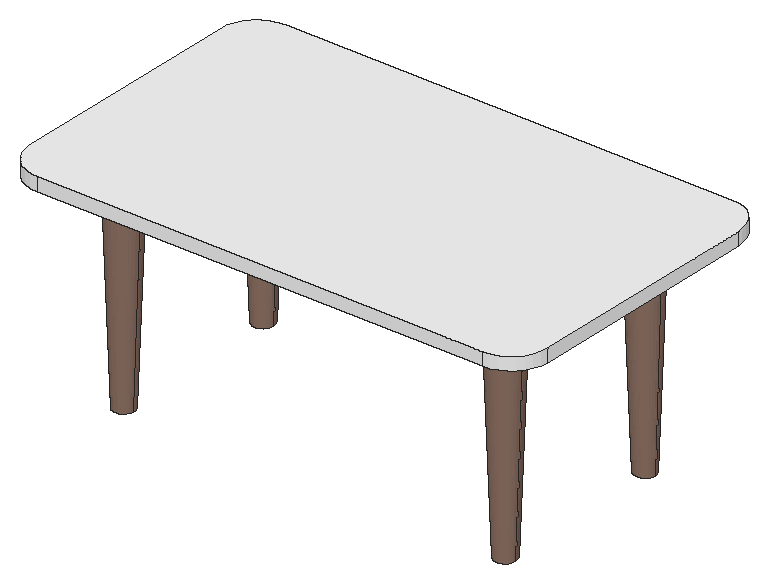
Revit family "Soft Rectangle", category Furniture, Revit 2016
Family settings
  OmniClass Number = 23.40.20.00
  OmniClass Title = General Furniture and Specialties
  Work Plane-Based = No
  Always vertical = Yes
  Cut with Voids When Loaded = No
  Shared = No
  Room Calculation Point = No
Parameters (values of type "GAL106")
  Width = 1000 mm
  URL = "www.gof.co.uk"
  Type Comments = ""
  Range = "GALLEN"
  Product Code = "GAL106"
  Table Top = Gresham - White MFC
  Model = ""
  Manufacturer = "Gresham Office Furniture"  # constant formula
  Legs = Walnut
  Assembly Code = "E2020200"
Reference planes
  plane 1 "Center (Front/Back)": y = 0
  plane 2: z = 0
  plane 3 "Center (Left/Right)": x = 0
  plane 4: x = -500
  plane 5: x = 500
  plane 6 "Table Underside": z = 410
  plane 7: y = 300
  plane 8: y = -300
Forms (mm)
  Extrusion 1, solid, material "Gresham - White MFC" <- "Table Top"
    sketch origin (0, 0, 410) x (-1, 0, 0) y (0, -1, 0)
      loop
        line (-430, -300) -> (430, -300)
        arc (430, -300) -> (479.497, -279.497) -> (500, -230) r 70
        line (500, -230) -> (500, 230)
        arc (500, 230) -> (479.497, 279.497) -> (430, 300) r 70
        line (430, 300) -> (-430, 300)
        arc (-430, 300) -> (-479.497, 279.497) -> (-500, 230) r 70
        line (-500, 230) -> (-500, -230)
        arc (-500, -230) -> (-479.497, -279.497) -> (-430, -300) r 70
    from 0 to 25
  Revolve 2, solid, material "Walnut" <- "Legs"
    sketch origin (602.849, 168.787, 1.204) x (-1, 0, 0) y (0, 0, 1)
      loop
        line (1006.635, 408.796) -> (971.635, 408.796) -> (971.635, -1.204) -> (991.635, -1.204) -> (1006.635, 408.796)
      axis (971.635, 408.796) -> (971.635, -1.204)
    angle from 0 to 360
  Revolve 3, solid, material "Walnut" <- "Legs"
    sketch origin (-602.849, 168.787, 1.204) x (1, 0, 0) y (0, 0, -1)
      loop
        line (1006.635, -408.796) -> (991.635, 1.204) -> (971.635, 1.204) -> (971.635, -408.796) -> (1006.635, -408.796)
      axis (971.635, -408.796) -> (971.635, 1.204)
    angle from 0 to 360
  Revolve 4, solid, material "Walnut" <- "Legs"
    sketch origin (602.849, -168.787, 1.204) x (-1, 0, 0) y (0, 0, -1)
      loop
        line (1006.635, -408.796) -> (991.635, 1.204) -> (971.635, 1.204) -> (971.635, -408.796) -> (1006.635, -408.796)
      axis (971.635, -408.796) -> (971.635, 1.204)
    angle from 0 to 360
  Revolve 5, solid, material "Walnut" <- "Legs"
    sketch origin (-602.849, -168.787, 1.204) x (1, 0, 0) y (0, 0, 1)
      loop
        line (1006.635, 408.796) -> (971.635, 408.796) -> (971.635, -1.204) -> (991.635, -1.204) -> (1006.635, 408.796)
      axis (971.635, 408.796) -> (971.635, -1.204)
    angle from 0 to 360
Dimensions and locks
  plane 6 "Table Underside" to plane 2 = 410 mm
  equal spacing: plane 4, plane 3 "Center (Left/Right)", plane 5
  "Width": plane 4 to plane 5
  equal spacing: plane 7, plane 1 "Center (Front/Back)", plane 8
  Extrusion 1 to level = 435 mm
  locked: Extrusion 1 to Extrusion 1 at 25
  locked: Extrusion 1 to Revolve 2 at 166.213  (x2)
  locked: Extrusion 1 to Revolve 3 at 166.213
  locked: Revolve 3 to Extrusion 1 at 166.213
  locked: Extrusion 1 to Revolve 4 at 166.213  (x2)
  locked: Revolve 5 to Extrusion 1 at 166.213
  locked: Extrusion 1 to Revolve 5 at 166.213
  locked: plane 7 to plane 8 at 600
  radius of Extrusion 1 sketch curve = 70 mm  (x4)
  aligned and locked: level to plane 2
  aligned and locked: Extrusion 1 to plane 4  (x2)
  aligned and locked: Extrusion 1 to plane 8
  aligned and locked: Extrusion 1 to plane 5
  aligned and locked: plane 7 to Extrusion 1
  aligned and locked: Extrusion 1 sketch curve to plane 4
  aligned and locked: Extrusion 1 sketch curve to plane 8
  aligned and locked: Extrusion 1 sketch curve to plane 5
  aligned and locked: plane 7 to Extrusion 1 sketch curve
Automatic sketch dimensions
  Revolve 2 sketch curve to level = 0 mm
  Revolve 2 sketch curve to plane 6 "Table Underside" = 0 mm
  plane 4 to Revolve 2 sketch curve = 131.213 mm
  Revolve 2 sketch curve to Revolve 2 sketch curve = 20 mm
  Revolve 2 sketch curve to Revolve 2 sketch curve = 35 mm
  Revolve 2 sketch curve to Revolve 2 sketch curve = 0 mm
  Revolve 2 sketch curve to level = 4.142 mm
  Revolve 2 sketch curve to Revolve 2 sketch curve = 10 mm
  Revolve 3 sketch curve to level = 0 mm
  Revolve 3 sketch curve to plane 6 "Table Underside" = 0 mm
  plane 5 to Revolve 3 sketch curve = 131.213 mm
  Revolve 3 sketch curve to Revolve 3 sketch curve = 20 mm
  Revolve 3 sketch curve to Revolve 3 sketch curve = 35 mm
  Revolve 3 sketch curve to Revolve 3 sketch curve = 0 mm
  Revolve 3 sketch curve to level = 4.142 mm
  Revolve 3 sketch curve to Revolve 3 sketch curve = 10 mm
  Revolve 4 sketch curve to level = 0 mm
  Revolve 4 sketch curve to plane 6 "Table Underside" = 0 mm
  plane 4 to Revolve 4 sketch curve = 131.213 mm
  Revolve 4 sketch curve to Revolve 4 sketch curve = 20 mm
  Revolve 4 sketch curve to Revolve 4 sketch curve = 35 mm
  Revolve 4 sketch curve to Revolve 4 sketch curve = 0 mm
  Revolve 4 sketch curve to level = 4.142 mm
  Revolve 4 sketch curve to Revolve 4 sketch curve = 10 mm
  Revolve 5 sketch curve to level = 0 mm
  Revolve 5 sketch curve to plane 6 "Table Underside" = 0 mm
  plane 5 to Revolve 5 sketch curve = 131.213 mm
  Revolve 5 sketch curve to Revolve 5 sketch curve = 20 mm
  Revolve 5 sketch curve to Revolve 5 sketch curve = 35 mm
  Revolve 5 sketch curve to Revolve 5 sketch curve = 0 mm
  Revolve 5 sketch curve to level = 4.142 mm
  Revolve 5 sketch curve to Revolve 5 sketch curve = 10 mm
